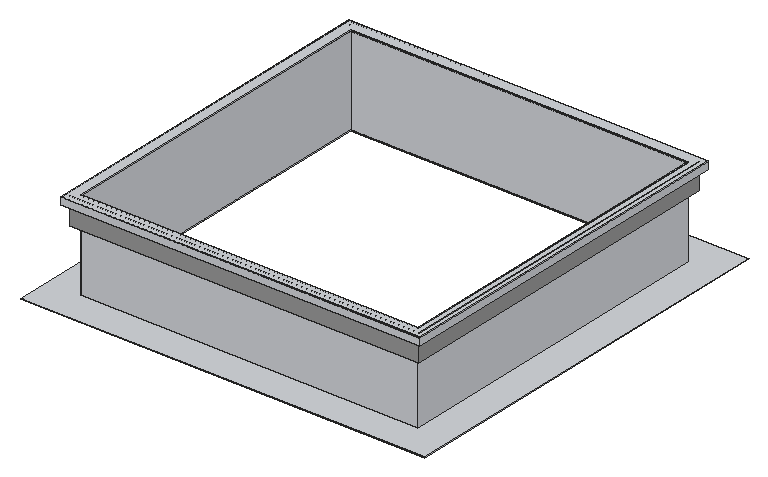
Revit family "UCC-5 (Flat Roof)", category Mechanical Equipment, Revit 2015
Parameters
  W = 0' - 1 1/2"
  URL = "https://unitedenertech.com/catalog/pdf/M_4%20UCC-5.pdf"
  Type Comments = "Consult Factory for Max. Sizes"
  Roof Slope (Degrees) = 2.00°
  Model = "UCC-5"
  Manufacturer = "United Enertech Corporation"
  Height (12" Standard) = 1' - 0"
  Description = "Conventional Roof Curb (for Flat Roof)"
  B Side O.D. = 4' - 0"
  A Side O.D. = 4' - 0"
Reference planes (in)
  plane 1 "Center (Front/Back)": y = 0
  plane 2: z = 0
  plane 3 "Center (Left/Right)": x = 0
  plane 4: z = 12
  plane 5: y = -24
  plane 6: y = -48
  plane 7: x = 24
  plane 8: x = -24
  plane 9: y = -1.5
  plane 10: y = -46.5
  plane 11: x = -22.5
  plane 12: x = 22.5
  plane 13: x = -27
  plane 14: y = -51
  plane 15: x = 27
  plane 16: y = 3
  plane 17: z = 11
  plane 18: y = -1.4522
  plane 19: y = -0.0478
  plane 20: y = -46.5478
  plane 21: y = -47.9522
  plane 22: z = 11.9522
  plane 23: z = 0.0478
  plane 24: y = -0.7022
  plane 25: y = -47.2978
  plane 26: z = 8.4522
  plane 27: x = -23.9522
  plane 28: x = -22.5478
  plane 29: x = -23.2978
  plane 30: x = 22.5478
  plane 31: x = 23.2978
  plane 32: x = 23.9522
Forms (in)
  Extrusion 1, solid
    sketch origin (0, 0, 0) x (1, 0, 0) y (0, 1, 0)
      loop
        line (-22.5, -46.5) -> (22.5, -46.5) -> (22.5, -1.5) -> (-22.5, -1.5) -> (-22.5, -46.5)
      loop
        line (-27, -51) -> (27, -51) -> (27, 3) -> (-27, 3) -> (-27, -51)
    from 0 to 0.0478
  Extrusion 2, solid
    sketch origin (0, 0, 0) x (1, 0, 0) y (0, 1, 0)
      loop
        line (-24, -48) -> (24, -48) -> (24, 0) -> (-24, 0) -> (-24, -48)
      loop
        line (-22.5, -46.5) -> (22.5, -46.5) -> (22.5, -1.5) -> (-22.5, -1.5) -> (-22.5, -46.5)
    from 11.9522 to 12
  Extrusion 3, solid
    sketch origin (0, 0, 0) x (1, 0, 0) y (0, 1, 0)
      loop
        line (-22.5478, -46.5478) -> (22.5478, -46.5478) -> (22.5478, -1.4522) -> (-22.5478, -1.4522) -> (-22.5478, -46.5478)
      loop
        line (-22.5, -46.5) -> (22.5, -46.5) -> (22.5, -1.5) -> (-22.5, -1.5) -> (-22.5, -46.5)
    from 0.0478 to 11.9522
  Extrusion 4, solid
    sketch origin (0, 0, 0) x (1, 0, 0) y (0, 1, 0)
      loop
        line (-24, -48) -> (24, -48) -> (24, 0) -> (-24, 0) -> (-24, -48)
      loop
        line (-23.9522, -47.9522) -> (23.9522, -47.9522) -> (23.9522, -0.0478) -> (-23.9522, -0.0478) -> (-23.9522, -47.9522)
    from 11 to 11.9522
  Extrusion 5, solid, material "Wood (Oak)"
    sketch origin (0, 0, 0) x (1, 0, 0) y (0, 1, 0)
      loop
        line (-22.5478, -46.5478) -> (22.5478, -46.5478) -> (22.5478, -1.4522) -> (-22.5478, -1.4522) -> (-22.5478, -46.5478)
      loop
        line (-23.2978, -47.2978) -> (23.2978, -47.2978) -> (23.2978, -0.7022) -> (-23.2978, -0.7022) -> (-23.2978, -47.2978)
    from 8.4522 to 11.9522
Dimensions and locks (in)
  "Height (12" Standard)": plane 4 to level
  equal spacing: plane 6, plane 5, plane 1 "Center (Front/Back)"
  "B Side O.D.": plane 6 to plane 1 "Center (Front/Back)"
  equal spacing: plane 8, plane 3 "Center (Left/Right)", plane 7
  "A Side O.D.": plane 8 to plane 7
  "W": plane 12 to plane 7
  "W": plane 8 to plane 11
  "W": plane 1 "Center (Front/Back)" to plane 9
  "W": plane 10 to plane 6
  locked: plane 14 to plane 6 at 3
  locked: plane 13 to plane 8 at 3
  locked: plane 7 to plane 15 at 3
  locked: plane 1 "Center (Front/Back)" to plane 16 at 3
  locked: plane 4 to plane 17 at 1
  locked: plane 18 to plane 9 at 0.0478
  locked: plane 1 "Center (Front/Back)" to plane 19 at 0.0478
  locked: plane 10 to plane 20 at 0.0478
  locked: plane 21 to plane 6 at 0.0478
  locked: plane 4 to plane 22 at 0.0478
  locked: level to plane 23 at 0.0478
  locked: plane 24 to plane 18 at 0.75
  locked: plane 20 to plane 25 at 0.75
  locked: plane 22 to plane 26 at 3.5
  locked: plane 8 to plane 27 at 0.0478
  locked: plane 11 to plane 28 at 0.0478
  locked: plane 28 to plane 29 at 0.75
  locked: plane 30 to plane 12 at 0.0478
  locked: plane 7 to plane 32 at 0.0478
  locked: plane 30 to plane 31 at 0.75
  aligned and locked: level to plane 2
  aligned and locked: Extrusion 1 sketch curve to plane 16
  aligned and locked: Extrusion 1 sketch curve to plane 13
  aligned and locked: Extrusion 1 sketch curve to plane 15
  aligned and locked: Extrusion 1 sketch curve to plane 14
  aligned and locked: Extrusion 1 sketch curve to plane 10
  aligned and locked: plane 11 to Extrusion 1 sketch curve
  aligned and locked: plane 12 to Extrusion 1 sketch curve
  aligned and locked: plane 9 to Extrusion 1 sketch curve
  aligned and locked: Extrusion 1 to plane 23
  aligned and locked: Extrusion 1 to level
  aligned and locked: Extrusion 2 sketch curve to plane 1 "Center (Front/Back)"
  aligned and locked: Extrusion 2 sketch curve to plane 8
  aligned and locked: plane 7 to Extrusion 2 sketch curve
  aligned and locked: plane 6 to Extrusion 2 sketch curve
  aligned and locked: Extrusion 2 sketch curve to plane 10
  aligned and locked: plane 11 to Extrusion 2 sketch curve
  aligned and locked: plane 12 to Extrusion 2 sketch curve
  aligned and locked: plane 9 to Extrusion 2 sketch curve
  aligned and locked: Extrusion 2 to plane 22
  aligned and locked: plane 4 to Extrusion 2
  aligned and locked: Extrusion 3 sketch curve to plane 28
  aligned and locked: plane 11 to Extrusion 3 sketch curve
  aligned and locked: Extrusion 3 sketch curve to plane 20
  aligned and locked: Extrusion 3 sketch curve to plane 10
  aligned and locked: plane 18 to Extrusion 3 sketch curve
  aligned and locked: plane 9 to Extrusion 3 sketch curve
  aligned and locked: plane 30 to Extrusion 3 sketch curve
  aligned and locked: plane 12 to Extrusion 3 sketch curve
  aligned and locked: plane 22 to Extrusion 3
  aligned and locked: plane 23 to Extrusion 3
  aligned and locked: Extrusion 4 sketch curve to plane 8
  aligned and locked: plane 6 to Extrusion 4 sketch curve
  aligned and locked: plane 7 to Extrusion 4 sketch curve
  aligned and locked: Extrusion 4 sketch curve to plane 1 "Center (Front/Back)"
  aligned and locked: plane 19 to Extrusion 4 sketch curve
  aligned and locked: Extrusion 4 sketch curve to plane 21
  aligned and locked: plane 27 to Extrusion 4 sketch curve
  aligned and locked: plane 32 to Extrusion 4 sketch curve
  aligned and locked: plane 22 to Extrusion 4
  aligned and locked: Extrusion 4 to plane 17
  aligned and locked: plane 24 to Extrusion 5 sketch curve
  aligned and locked: Extrusion 5 sketch curve to plane 29
  aligned and locked: Extrusion 5 sketch curve to plane 31
  aligned and locked: plane 25 to Extrusion 5 sketch curve
  aligned and locked: Extrusion 5 sketch curve to plane 20
  aligned and locked: Extrusion 5 sketch curve to plane 28
  aligned and locked: plane 30 to Extrusion 5 sketch curve
  aligned and locked: plane 18 to Extrusion 5 sketch curve
  aligned and locked: plane 22 to Extrusion 5
  aligned and locked: Extrusion 5 to plane 26
